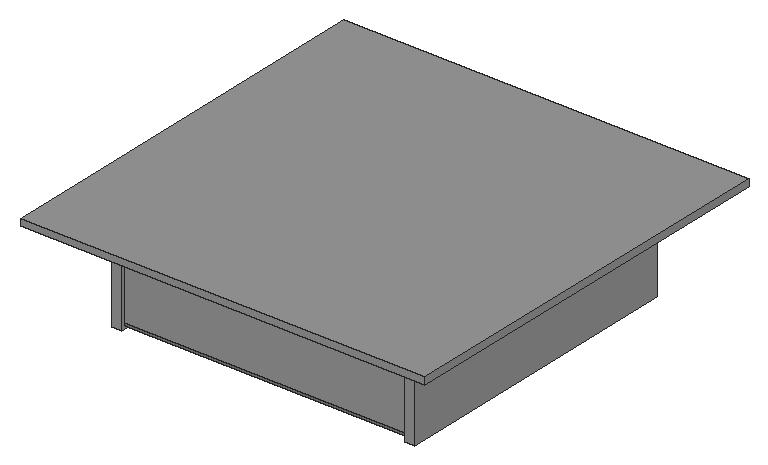
Revit family "Berica 2.0 M", category Lighting Fixtures, Revit 2020 (continued)
Definition of nested family "Light Source Berica 2.0"
  Types (4, lengths in mm): name | Photometric Web File | built-in parameter 1150142
      5.63 115.96 116.26 116.40 116.60 116.69 \r\n116.69 116.60 116.40 116.22 115.96 115.49 114.85 114.18 \r\n113.78 113.67 113.56 113.54 113.58 113.65 113.75 114.04 \r\n114.38 114.77 115.17 115.71 116.23 116.82 117.27 117.58 \r\n117.58 117.10 116.02 113.46 109.53 102.55 91.56 78.01 \r\n58.81 40.94 24.76 15.04 10.45 8.78 7.75 6.94 6.08 5.44 \r\n4.95 4.47 4.09 3.76 3.46 3.14 2.85 2.52 2.25 1.89 1.56 \r\n1.24 0.87 0.51 0.33 0.03 0.01 0.01 0.01 0.01 0.01 0.01 \r\n0.01 0.01 0.01 0.01 0.01 0.01 0.01 0.02 0.02 0.02 0.02 \r\n0.02 0.03 0.03 0.03 0.03 0.04 0.04 0.04 0.04 0.04 0.04 \r\n0.04 0.04 0.05 0.05 0.05 0.05 0.05 0.04 0.04 0.04 0.04 \r\n0.04 0.04 0.04 0.04 0.03 0.03 0.03 0.03 0.02 0.02 0.02 \r\n0.02 0.02 0.01 0.01 0.01 0.01 0.01 0.01 0.01 0.01 0.01 \r\n0.01 0.01 0.01 0.01 0.03 0.33 0.51 0.87 1.24 1.56 1.89 \r\n2.25 2.52 2.85 3.14 3.46 3.76 4.09 4.47 4.95 5.44 6.08 \r\n6.94 7.75 8.78 10.45 15.04 24.76 40.94 58.81 78.01 91.56 \r\n102.55 109.53 113.46 116.02 117.10 117.58 117.58 117.27 \r\n116.82 116.23 115.71 115.17 114.77 114.38 114.04 113.75 \r\n113.65 113.58 113.54 113.56 113.67 113.78 114.18 114.85 \r\n115.49 115.96 116.22 116.40 116.60 116.69 \r\n116.69 116.60 116.40 116.26 115.95 115.50 114.89 114.12 \r\n113.78 113.65 113.59 113.53 113.59 113.70 113.87 114.16 \r\n114.46 114.82 115.31 115.84 116.35 116.93 117.45 117.72 \r\n117.67 117.16 115.74 113.19 108.38 100.76 88.60 72.71 \r\n53.87 35.08 21.10 13.21 9.93 8.41 7.45 6.63 5.86 5.22 \r\n4.72 4.30 3.95 3.64 3.34 3.04 2.73 2.42 2.12 1.79 1.48 \r\n1.14 0.74 0.45 0.23 0.02 0.02 0.01 0.01 0.01 0.01 0.01 \r\n0.01 0.01 0.01 0.01 0.02 0.02 0.02 0.02 0.02 0.03 0.03 \r\n0.03 0.03 0.04 0.04 0.04 0.04 0.04 0.05 0.05 0.05 0.05 \r\n0.05 0.05 0.05 0.05 0.05 0.05 0.05 0.05 0.05 0.05 0.05 \r\n0.05 0.05 0.04 0.04 0.04 0.04 0.04 0.03 0.03 0.03 0.03 \r\n0.02 0.02 0.02 0.02 0.02 0.01 0.01 0.01 0.01 0.01 0.01 \r\n0.01 0.01 0.01 0.02 0.02 0.23 0.45 0.74 1.14 1.48 1.79 \r\n2.12 2.42 2.73 3.04 3.34 3.64 3.95 4.30 4.72 5.22 5.86 \r\n6.63 7.45 8.41 9.93 13.21 21.10 35.08 53.87 72.71 88.60 \r\n100.76 108.38 113.19 115.74 117.16 117.67 117.72 117.45 \r\n116.93 116.35 115.84 115.31 114.82 114.46 114.16 113.87 \r\n113.70 113.59 113.53 113.59 113.65 113.78 114.12 114.89 \r\n115.50 115.95 116.26 116.40 116.60 116.69 \r\n116.69 116.58 116.36 116.16 115.92 115.45 114.73 114.02 \r\n113.80 113.71 113.68 113.74 113.74 113.94 114.13 114.55 \r\n114.82 115.23 115.73 116.23 116.83 117.45 117.88 118.08 \r\n117.92 117.12 115.31 112.19 106.34 96.89 82.64 65.98 \r\n44.90 29.70 16.68 11.42 9.12 7.96 7.06 6.33 5.61 5.03 \r\n4.55 4.15 3.85 3.49 3.22 2.92 2.61 2.30 2.01 1.67 1.36 \r\n0.95 0.60 0.39 0.07 0.02 0.02 0.02 0.02 0.02 0.02 0.02 \r\n0.02 0.02 0.02 0.02 0.02 0.03 0.03 0.04 0.04 0.05 0.05 \r\n0.05 0.05 0.05 0.05 0.05 0.05 0.05 0.05 0.05 0.05 0.05 \r\n0.05 0.05 0.05 0.05 0.05 0.05 0.05 0.05 0.05 0.05 0.05 \r\n0.05 0.05 0.05 0.05 0.05 0.05 0.05 0.05 0.05 0.05 0.05 \r\n0.04 0.04 0.03 0.03 0.02 0.02 0.02 0.02 0.02 0.02 0.02 \r\n0.02 0.02 0.02 0.02 0.02 0.07 0.39 0.60 0.95 1.36 1.67 \r\n2.01 2.30 2.61 2.92 3.22 3.49 3.85 4.15 4.55 5.03 5.61 \r\n6.33 7.06 7.96 9.12 11.42 16.68 29.70 44.90 65.98 82.64 \r\n96.89 106.34 112.19 115.31 117.12 117.92 118.08 117.88 \r\n117.45 116.83 116.23 115.73 115.23 114.82 114.55 114.13 \r\n113.94 113.74 113.74 113.68 113.71 113.80 114.02 114.73 \r\n115.45 115.92 116.16 116.36 116.58 116.69 \r\n116.69 116.60 116.40 116.26 115.95 115.50 114.89 114.12 \r\n113.78 113.65 113.59 113.53 113.59 113.70 113.87 114.16 \r\n114.46 114.82 115.31 115.84 116.35 116.93 117.45 117.72 \r\n117.67 117.16 115.74 113.19 108.38 100.76 88.60 72.71 \r\n53.87 35.08 21.10 13.21 9.93 8.41 7.45 6.63 5.86 5.22 \r\n4.72 4.30 3.95 3.64 3.34 3.04 2.73 2.42 2.12 1.79 1.48 \r\n1.14 0.74 0.45 0.23 0.02 0.02 0.01 0.01 0.01 0.01 0.01 \r\n0.01 0.01 0.01 0.01 0.02 0.02 0.02 0.02 0.02 0.03 0.03 \r\n0.03 0.03 0.04 0.04 0.04 0.04 0.04 0.05 0.05 0.05 0.05 \r\n0.05 0.05 0.05 0.05 0.05 0.05 0.05 0.05 0.05 0.05 0.05 \r\n0.05 0.05 0.04 0.04 0.04 0.04 0.04 0.03 0.03 0.03 0.03 \r\n0.02 0.02 0.02 0.02 0.02 0.01 0.01 0.01 0.01 0.01 0.01 \r\n0.01 0.01 0.01 0.02 0.02 0.23 0.45 0.74 1.14 1.48 1.79 \r\n2.12 2.42 2.73 3.04 3.34 3.64 3.95 4.30 4.72 5.22 5.86 \r\n6.63 7.45 8.41 9.93 13.21 21.10 35.08 53.87 72.71 88.60 \r\n100.76 108.38 113.19 115.74 117.16 117.67 117.72 117.45 \r\n116.93 116.35 115.84 115.31 114.82 114.46 114.16 113.87 \r\n113.70 113.59 113.53 113.59 113.65 113.78 114.12 114.89 \r\n115.50 115.95 116.26 116.40 116.60 116.69 \r\n116.69 116.60 116.40 116.22 115.96 115.49 114.85 114.18 \r\n113.78 113.67 113.56 113.54 113.58 113.65 113.75 114.04 \r\n114.38 114.77 115.17 115.71 116.23 116.82 117.27 117.58 \r\n117.58 117.10 116.02 113.46 109.53 102.55 91.56 78.01 \r\n58.81 40.94 24.76 15.04 10.45 8.78 7.75 6.94 6.08 5.44 \r\n4.95 4.47 4.09 3.76 3.46 3.14 2.85 2.52 2.25 1.89 1.56 \r\n1.24 0.87 0.51 0.33 0.03 0.01 0.01 0.01 0.01 0.01 0.01 \r\n0.01 0.01 0.01 0.01 0.01 0.01 0.01 0.02 0.02 0.02 0.02 \r\n0.02 0.03 0.03 0.03 0.03 0.04 0.04 0.04 0.04 0.04 0.04 \r\n0.04 0.04 0.05 0.05 0.05 0.05 0.05 0.04 0.04 0.04 0.04 \r\n0.04 0.04 0.04 0.04 0.03 0.03 0.03 0.03 0.02 0.02 0.02 \r\n0.02 0.02 0.01 0.01 0.01 0.01 0.01 0.01 0.01 0.01 0.01 \r\n0.01 0.01 0.01 0.01 0.03 0.33 0.51 0.87 1.24 1.56 1.89 \r\n2.25 2.52 2.85 3.14 3.46 3.76 4.09 4.47 4.95 5.44 6.08 \r\n6.94 7.75 8.78 10.45 15.04 24.76 40.94 58.81 78.01 91.56 \r\n102.55 109.53 113.46 116.02 117.10 117.58 117.58 117.27 \r\n116.82 116.23 115.71 115.17 114.77 114.38 114.04 113.75 \r\n113.65 113.58 113.54 113.56 113.67 113.78 114.18 114.85 \r\n115.49 115.96 116.22 116.40 116.60 116.69 \r\n116.69 116.60 116.40 116.26 115.96 115.63 114.95 114.27 \r\n113.79 113.66 113.52 113.45 113.41 113.48 113.66 113.88 \r\n114.17 114.53 114.92 115.43 115.86 116.42 116.83 117.17 \r\n117.24 116.96 116.12 114.10 110.94 105.67 96.81 84.69 \r\n67.82 50.23 31.63 19.43 12.26 9.64 8.30 7.41 6.55 5.80 \r\n5.27 4.71 4.34 3.96 3.65 3.33 3.05 2.71 2.41 2.08 1.75 \r\n1.41 1.06 0.65 0.41 0.16 0.02 0.01 0.01 0.01 0.01 0.01 \r\n0.01 0.01 0.01 0.01 0.01 0.01 0.01 0.01 0.01 0.01 0.01 \r\n0.02 0.02 0.02 0.02 0.02 0.02 0.03 0.03 0.03 0.03 0.03 \r\n0.03 0.03 0.03 0.03 0.03 0.03 0.03 0.03 0.03 0.03 0.03 \r\n0.03 0.03 0.03 0.02 0.02 0.02 0.02 0.02 0.02 0.01 0.01 \r\n0.01 0.01 0.01 0.01 0.01 0.01 0.01 0.01 0.01 0.01 0.01 \r\n0.01 0.01 0.01 0.02 0.16 0.41 0.65 1.06 1.41 1.75 2.08 \r\n2.41 2.71 3.05 3.33 3.65 3.96 4.34 4.71 5.27 5.80 6.55 \r\n7.41 8.30 9.64 12.26 19.43 31.63 50.23 67.82 84.69 96.81 \r\n105.67 110.94 114.10 116.12 116.96 117.24 117.17 116.83 \r\n116.42 115.86 115.43 114.92 114.53 114.17 113.88 113.66 \r\n113.48 113.41 113.45 113.52 113.66 113.79 114.27 114.95 \r\n115.63 115.96 116.26 116.40 116.60 116.69 \r\n116.69 116.59 116.41 116.20 115.99 115.57 115.03 114.33 \r\n113.76 113.59 113.45 113.33 113.34 113.35 113.41 113.63 \r\n113.86 114.11 114.45 114.88 115.26 115.71 116.10 116.49 \r\n116.69 116.60 116.10 114.84 112.46 108.56 102.49 92.42 \r\n78.83 62.96 43.53 27.65 16.51 11.59 9.11 8.10 7.19 6.39 \r\n5.71 5.13 4.66 4.27 3.93 3.59 3.29 2.97 2.65 2.33 2.03 \r\n1.65 1.33 0.97 0.58 0.35 0.07 0.01 0.01 0.01 0.01 0.01 \r\n0.01 0.01 0.01 0.01 0.01 0.01 0.01 0.01 0.01 0.01 0.01 \r\n0.01 0.01 0.01 0.01 0.01 0.01 0.02 0.02 0.02 0.02 0.02 \r\n0.02 0.02 0.02 0.02 0.02 0.02 0.02 0.02 0.02 0.02 0.02 \r\n0.02 0.02 0.02 0.01 0.01 0.01 0.01 0.01 0.01 0.01 0.01 \r\n0.01 0.01 0.01 0.01 0.01 0.01 0.01 0.01 0.01 0.01 0.01 \r\n0.01 0.01 0.01 0.07 0.35 0.58 0.97 1.33 1.65 2.03 2.33 \r\n2.65 2.97 3.29 3.59 3.93 4.27 4.66 5.13 5.71 6.39 7.19 \r\n8.10 9.11 11.59 16.51 27.65 43.53 62.96 78.83 92.42 \r\n102.49 108.56 112.46 114.84 116.10 116.60 116.69 116.49 \r\n116.10 115.71 115.26 114.88 114.45 114.11 113.86 113.63 \r\n113.41 113.35 113.34 113.33 113.45 113.59 113.76 114.33 \r\n115.03 115.57 115.99 116.20 116.41 116.59 116.69 \r\n116.69 116.61 116.42 116.28 116.04 115.65 115.15 114.41 \r\n113.78 113.55 113.35 113.23 113.17 113.17 113.20 113.36 \r\n113.52 113.67 113.93 114.24 114.54 114.89 115.28 115.62 \r\n115.94 115.97 115.70 115.09 113.67 111.22 106.88 100.55 \r\n90.82 76.66 60.84 42.36 27.58 16.68 11.36 9.30 8.14 7.22 \r\n6.42 5.72 5.17 4.70 4.27 3.94 3.61 3.28 2.97 2.64 2.33 \r\n2.00 1.64 1.33 0.95 0.55 0.32 0.04 0.02 0.01 0.01 0.01 \r\n0.01 0.01 0.01 0.01 0.01 0.01 0.01 0.01 0.01 0.01 0.01 \r\n0.01 0.01 0.01 0.01 0.01 0.01 0.01 0.01 0.01 0.01 0.01 \r\n0.01 0.01 0.01 0.01 0.01 0.01 0.01 0.01 0.01 0.01 0.01 \r\n0.01 0.01 0.01 0.01 0.01 0.01 0.01 0.01 0.01 0.01 0.01 \r\n0.01 0.01 0.01 0.01 0.01 0.01 0.01 0.01 0.01 0.01 0.01 \r\n0.01 0.02 0.04 0.32 0.55 0.95 1.33 1.64 2.00 2.33 2.64 \r\n2.97 3.28 3.61 3.94 4.27 4.70 5.17 5.72 6.42 7.22 8.14 \r\n9.30 11.36 16.68 27.58 42.36 60.84 76.66 90.82 100.55 \r\n106.88 111.22 113.67 115.09 115.70 115.97 115.94 115.62 \r\n115.28 114.89 114.54 114.24 113.93 113.67 113.52 113.36 \r\n113.20 113.17 113.17 113.23 113.35 113.55 113.78 114.41 \r\n115.15 115.65 116.04 116.28 116.42 116.61 116.69 \r\n116.69 116.64 116.43 116.22 116.04 115.71 115.25 114.63 \r\n113.96 113.53 113.31 113.10 112.98 112.94 112.89 112.93 \r\n113.01 113.12 113.25 113.45 113.71 113.98 114.25 114.53 \r\n114.79 114.92 114.89 114.64 113.82 112.43 110.09 106.22 \r\n100.11 90.85 79.44 63.51 46.90 30.10 18.92 12.50 9.81 \r\n8.36 7.43 6.62 5.88 5.29 4.81 4.41 4.03 3.70 3.37 3.04 \r\n2.71 2.41 2.06 1.73 1.37 1.03 0.59 0.35 0.06 0.02 0.01 \r\n0.01 0.01 0.01 0.01 0.01 0.01 0.01 0.01 0.01 0.01 0.01 \r\n0.01 0.01 0.01 0.01 0.01 0.01 0.01 0.01 0.01 0.01 0.01 \r\n0.01 0.01 0.01 0.01 0.01 0.01 0.01 0.01 0.01 0.01 0.01 \r\n0.01 0.01 0.01 0.01 0.01 0.01 0.01 0.01 0.01 0.01 0.01 \r\n0.01 0.01 0.01 0.01 0.01 0.01 0.01 0.01 0.01 0.01 0.01 \r\n0.01 0.02 0.06 0.35 0.59 1.03 1.37 1.73 2.06 2.41 2.71 \r\n3.04 3.37 3.70 4.03 4.41 4.81 5.29 5.88 6.62 7.43 8.36 \r\n9.81 12.50 18.92 30.10 46.90 63.51 79.44 90.85 100.11 \r\n106.22 110.09 112.43 113.82 114.64 114.89 114.92 114.79 \r\n114.53 114.25 113.98 113.71 113.45 113.25 113.12 113.01 \r\n112.93 112.89 112.94 112.98 113.10 113.31 113.53 113.96 \r\n114.63 115.25 115.71 116.04 116.22 116.43 116.64 116.69 \r\n116.69 116.59 116.41 116.27 115.99 115.77 115.38 114.81 \r\n114.05 113.55 113.19 112.90 112.73 112.59 112.53 112.51 \r\n112.44 112.50 112.51 112.57 112.69 112.83 113.00 113.20 \r\n113.36 113.51 113.66 113.60 113.22 112.53 111.24 109.26 \r\n105.96 101.32 93.17 83.38 69.97 54.06 39.82 24.39 16.09 \r\n11.08 9.07 7.90 7.02 6.23 5.62 5.06 4.63 4.20 3.85 3.52 \r\n3.19 2.88 2.53 2.20 1.86 1.53 1.15 0.75 0.41 0.13 0.02 \r\n0.02 0.02 0.02 0.01 0.01 0.01 0.01 0.01 0.01 0.01 0.01 \r\n0.01 0.01 0.01 0.01 0.01 0.01 0.01 0.01 0.01 0.01 0.01 \r\n0.01 0.01 0.01 0.01 0.01 0.01 0.01 0.01 0.01 0.01 0.01 \r\n0.01 0.01 0.01 0.01 0.01 0.01 0.01 0.01 0.01 0.01 0.01 \r\n0.01 0.01 0.01 0.01 0.01 0.01 0.01 0.01 0.02 0.02 0.02 \r\n0.02 0.13 0.41 0.75 1.15 1.53 1.86 2.20 2.53 2.88 3.19 \r\n3.52 3.85 4.20 4.63 5.06 5.62 6.23 7.02 7.90 9.07 11.08 \r\n16.09 24.39 39.82 54.06 69.97 83.38 93.17 101.32 105.96 \r\n109.26 111.24 112.53 113.22 113.60 113.66 113.51 113.36 \r\n113.20 113.00 112.83 112.69 112.57 112.51 112.50 112.44 \r\n112.51 112.53 112.59 112.73 112.90 113.19 113.55 114.05 \r\n114.81 115.38 115.77 115.99 116.27 116.41 116.59 116.69 \r\n116.69 116.58 116.45 116.25 116.07 115.88 115.51 115.00 \r\n114.32 113.56 113.15 112.79 112.56 112.39 112.20 112.04 \r\n111.89 111.82 111.71 111.70 111.67 111.63 111.68 111.77 \r\n111.89 111.93 111.95 111.93 111.86 111.55 110.96 109.91 \r\n108.44 105.76 102.28 97.15 89.35 78.73 65.30 51.42 36.24 \r\n23.30 15.19 10.73 8.78 7.69 6.81 6.10 5.49 4.97 4.50 4.11 \r\n3.73 3.43 3.08 2.74 2.40 2.07 1.71 1.36 1.01 0.58 0.28 \r\n0.03 0.02 0.02 0.02 0.02 0.02 0.02 0.02 0.02 0.01 0.01 \r\n0.01 0.01 0.01 0.01 0.01 0.01 0.01 0.01 0.01 0.01 0.01 \r\n0.01 0.01 0.01 0.01 0.01 0.01 0.01 0.01 0.01 0.01 0.01 \r\n0.01 0.01 0.01 0.01 0.01 0.01 0.01 0.01 0.01 0.01 0.01 \r\n0.01 0.01 0.02 0.02 0.02 0.02 0.02 0.02 0.02 0.02 0.03 \r\n0.28 0.58 1.01 1.36 1.71 2.07 2.40 2.74 3.08 3.43 3.73 \r\n4.11 4.50 4.97 5.49 6.10 6.81 7.69 8.78 10.73 15.19 23.30 \r\n36.24 51.42 65.30 78.73 89.35 97.15 102.28 105.76 108.44 \r\n109.91 110.96 111.55 111.86 111.93 111.95 111.93 111.89 \r\n111.77 111.68 111.63 111.67 111.70 111.71 111.82 111.89 \r\n112.04 112.20 112.39 112.56 112.79 113.15 113.56 114.32 \r\n115.00 115.51 115.88 116.07 116.25 116.45 116.58 116.69 \r\n116.69 116.56 116.43 116.25 116.08 115.83 115.53 115.14 \r\n114.47 113.77 113.13 112.69 112.39 112.14 111.91 111.67 \r\n111.39 111.11 110.92 110.74 110.56 110.46 110.36 110.28 \r\n110.21 110.13 110.07 109.99 109.89 109.72 109.39 108.84 \r\n108.06 106.82 105.02 102.67 99.00 93.97 87.21 77.89 66.81 \r\n52.21 39.47 26.49 17.13 11.72 9.12 7.88 6.92 6.16 5.53 \r\n4.99 4.53 4.11 3.71 3.37 3.03 2.70 2.36 2.00 1.64 1.29 \r\n0.92 0.50 0.20 0.03 0.03 0.02 0.02 0.02 0.02 0.02 0.02 \r\n0.02 0.02 0.02 0.02 0.02 0.02 0.02 0.02 0.02 0.02 0.02 \r\n0.02 0.02 0.01 0.01 0.01 0.01 0.01 0.01 0.01 0.01 0.01 \r\n0.02 0.02 0.02 0.02 0.02 0.02 0.02 0.02 0.02 0.02 0.02 \r\n0.02 0.02 0.02 0.02 0.02 0.02 0.02 0.02 0.03 0.03 0.20 \r\n0.50 0.92 1.29 1.64 2.00 2.36 2.70 3.03 3.37 3.71 4.11 \r\n4.53 4.99 5.53 6.16 6.92 7.88 9.12 11.72 17.13 26.49 \r\n39.47 52.21 66.81 77.89 87.21 93.97 99.00 102.67 105.02 \r\n106.82 108.06 108.84 109.39 109.72 109.89 109.99 110.07 \r\n110.13 110.21 110.28 110.36 110.46 110.56 110.74 110.92 \r\n111.11 111.39 111.67 111.91 112.14 112.39 112.69 113.13 \r\n113.77 114.47 115.14 115.53 115.83 116.08 116.25 116.43 \r\n116.56 116.69 \r\n116.69 116.60 116.50 116.33 116.13 115.94 115.68 115.25 \r\n114.78 114.14 113.34 112.75 112.35 112.00 111.68 111.35 \r\n110.97 110.63 110.29 109.91 109.67 109.48 109.24 108.94 \r\n108.71 108.42 108.14 107.90 107.67 107.44 107.19 106.79 \r\n106.28 105.57 104.65 103.44 101.74 99.56 96.61 92.51 \r\n87.30 79.93 71.25 59.36 46.91 34.69 23.08 15.32 10.60 \r\n8.55 7.41 6.49 5.75 5.17 4.64 4.21 3.81 3.42 3.09 2.72 \r\n2.37 2.02 1.66 1.31 0.93 0.52 0.22 0.08 0.07 0.07 0.06 \r\n0.06 0.05 0.05 0.04 0.04 0.04 0.03 0.03 0.03 0.02 0.02 \r\n0.02 0.02 0.02 0.02 0.02 0.02 0.02 0.02 0.02 0.02 0.02 \r\n0.02 0.02 0.02 0.02 0.02 0.02 0.02 0.02 0.03 0.03 0.03 \r\n0.04 0.04 0.04 0.05 0.05 0.06 0.06 0.07 0.07 0.08 0.22 \r\n0.52 0.93 1.31 1.66 2.02 2.37 2.72 3.09 3.42 3.81 4.21 \r\n4.64 5.17 5.75 6.49 7.41 8.55 10.60 15.32 23.08 34.69 \r\n46.91 59.36 71.25 79.93 87.30 92.51 96.61 99.56 101.74 \r\n103.44 104.65 105.57 106.28 106.79 107.19 107.44 107.67 \r\n107.90 108.14 108.42 108.71 108.94 109.24 109.48 109.67 \r\n109.91 110.29 110.63 110.97 111.35 111.68 112.00 112.35 \r\n112.75 113.34 114.14 114.78 115.25 115.68 115.94 116.13 \r\n116.33 116.50 116.60 116.69 \r\n116.69 116.60 116.47 116.41 116.18 115.96 115.66 115.30 \r\n114.83 114.32 113.70 113.02 112.31 111.84 111.42 110.99 \r\n110.58 110.13 109.70 109.30 108.93 108.48 108.17 107.77 \r\n107.27 106.83 106.43 106.02 105.55 105.12 104.68 104.22 \r\n103.66 103.04 102.33 101.63 100.58 99.35 97.97 96.13 \r\n93.83 90.79 86.53 81.80 75.48 67.29 57.92 47.39 36.46 \r\n25.49 17.25 11.37 8.85 7.28 6.35 5.60 5.00 4.48 4.04 3.62 \r\n3.22 2.86 2.50 2.16 1.76 1.43 1.09 0.71 0.37 0.19 0.17 \r\n0.15 0.14 0.13 0.12 0.11 0.10 0.09 0.07 0.06 0.05 0.04 \r\n0.04 0.03 0.03 0.02 0.02 0.02 0.02 0.02 0.02 0.02 0.02 \r\n0.02 0.02 0.02 0.03 0.03 0.04 0.04 0.05 0.06 0.07 0.09 \r\n0.10 0.11 0.12 0.13 0.14 0.15 0.17 0.19 0.37 0.71 1.09 \r\n1.43 1.76 2.16 2.50 2.86 3.22 3.62 4.04 4.48 5.00 5.60 \r\n6.35 7.28 8.85 11.37 17.25 25.49 36.46 47.39 57.92 67.29 \r\n75.48 81.80 86.53 90.79 93.83 96.13 97.97 99.35 100.58 \r\n101.63 102.33 103.04 103.66 104.22 104.68 105.12 105.55 \r\n106.02 106.43 106.83 107.27 107.77 108.17 108.48 108.93 \r\n109.30 109.70 110.13 110.58 110.99 111.42 111.84 112.31 \r\n113.02 113.70 114.32 114.83 115.30 115.66 115.96 116.18 \r\n116.41 116.47 116.60 116.69 \r\n116.69 116.62 116.56 116.47 116.29 116.01 115.73 115.39 \r\n115.04 114.57 114.10 113.57 112.85 112.07 111.42 110.80 \r\n110.35 109.81 109.35 108.86 108.27 107.76 107.23 106.64 \r\n106.08 105.53 104.99 104.46 103.74 103.10 102.39 101.69 \r\n100.93 100.22 99.35 98.67 97.76 96.77 95.74 94.49 93.20 \r\n91.57 89.76 87.44 84.71 81.16 77.45 71.92 66.74 59.54 \r\n51.12 42.00 32.35 23.40 14.95 10.42 7.97 6.70 5.69 5.09 \r\n4.47 4.01 3.54 3.15 2.81 2.43 2.08 1.72 1.34 1.01 0.64 \r\n0.38 0.33 0.30 0.28 0.25 0.23 0.21 0.18 0.16 0.13 0.11 \r\n0.09 0.07 0.05 0.04 0.03 0.03 0.03 0.03 0.03 0.03 0.03 \r\n0.03 0.03 0.04 0.05 0.07 0.09 0.11 0.13 0.16 0.18 0.21 \r\n0.23 0.25 0.28 0.30 0.33 0.38 0.64 1.01 1.34 1.72 2.08 \r\n2.43 2.81 3.15 
